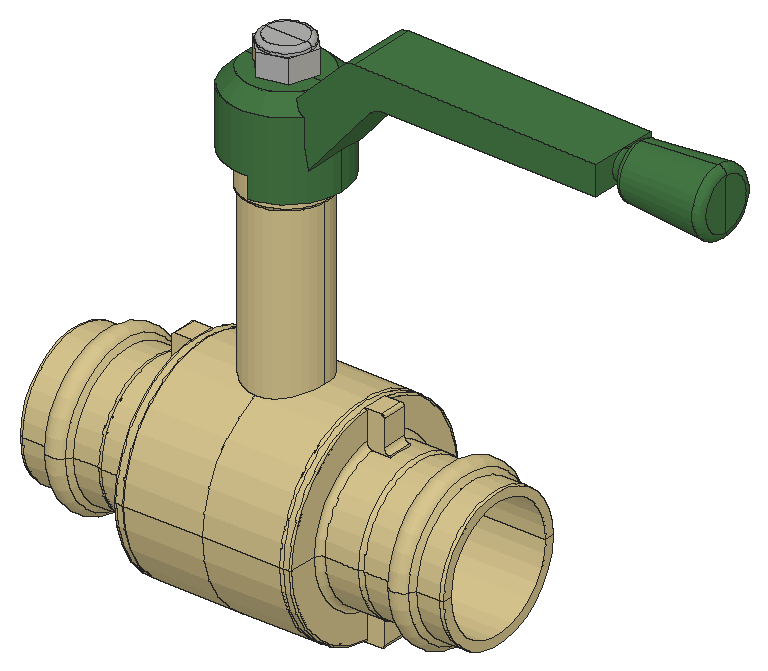
Revit family "QA12180000", category Apparecchi idraulici, Revit 2016
Family settings
  Tipo di parte = Normale
  Quota connettore circolare = Usa diametro
  Numero OmniClass = 23.45.00.00
  Titolo OmniClass = Sanitary, Laundry, and Cleaning Equipment
  Basato su piano di lavoro = No
  Sempre verticale = Sì
  Taglio con vuoti quando caricato = No
  Condiviso = No
  Punto di calcolo locali = No
Parameters
  URL = "https://web.cimberio.it/index.php/figura/1495?subcategoria_id=102"
  Produttore = "CIMBERIO SPA"
  Modello = "Cim 1226CRNL"
  DN Model [instance] = QA12185102 : QA12185102
  DN [instance] = 40 mm
Reference planes
  plane 1 "Centro (Fronte/Retro)": y = 0
  plane 2: z = 0
  plane 3 "Centro (Sinistra/Destra)": x = 0
Dimensions and locks
  aligned and locked: level to plane 2
Nested families
  nested 1: "QA12185102" at (0, 0, 0), type <- "DN Model", type "QA12185102"
    with DN 10 mm
  nested 2: "QA12185102" at (0, 0, 0), type <- "DN Model", type "QA12185102"
    with DN 10 mm
  nested 3: "QA12185102" at (0, 0, 0), type <- "DN Model", type "QA12185102"
    with DN 10 mm
  nested 4: "QA12185102" at (0, 0, 0), type <- "DN Model", type "QA12185102"
    with DN 10 mm
  nested 5: "QA12185102" at (0, 0, 0), type <- "DN Model", type "QA12185102"
    with DN 10 mm
  nested 6: "QA12185102" at (0, 0, 0), type <- "DN Model", type "QA12185102"
    with DN 10 mm
  nested 7: "QA12185102" at (0, 0, 0), type <- "DN Model", type "QA12185102"
    with DN 10 mm
  nested 8: "QA12185102" at (0, 0, 0), type <- "DN Model", type "QA12185102"
    with DN 10 mm
Connectors
  piping at (71.25, 0, 0), diameter 40, driven by "DN"
    settings: on nested 1, index 1, connector inside diameter 609.6 mm, connector length 0 mm, flow factor 0, pipe flow 0.0 L/s, pressure drop 0.0 Pa, fitting loss kfactor 0, connector angle 0.00°, fixture units 0, engagement length 0 mm, angle of deflection 0.00°, flow configuration 0, flow direction 0, fitting loss method 0, system type 7, joint type 0, gender type 0, connector reference index -1, connector utility 0, adjustable connector no, is connector primary yes, connector description ""
  piping at (-71.15, 0, 0), diameter 40, driven by "DN"
    settings: on nested 1, index 2, connector inside diameter 609.6 mm, connector length 0 mm, flow factor 0, pipe flow 0.0 L/s, pressure drop 0.0 Pa, fitting loss kfactor 0, connector angle 0.00°, fixture units 0, engagement length 0 mm, angle of deflection 0.00°, flow configuration 0, flow direction 0, fitting loss method 0, system type 7, joint type 0, gender type 0, connector reference index -1, connector utility 0, adjustable connector no, is connector primary no, connector description ""
Definition of nested family "QA12185102"
  Parameters (values of type "QA12185102")
    DN [instance] = 10 mm  # constant formula
  Reference planes
    plane 1 "Centro (Fronte/Retro)": y = 0
    plane 2: z = 0
    plane 3 "Centro (Sinistra/Destra)": x = 0
  Forms (mm)
    Revolve 1, solid
      sketch origin (0, 0, 0) x (1, 0, 0) y (0, 1, 0)
        loop
          line (-70.25, 23.2) -> (-71.15, 23) -> (-71.15, 20) -> (71.25, 20) -> (71.25, 22.978) -> (70.25, 23.2) -> (62.253, 23.2) -> (61.215, 24.998)
          arc (61.215, 24.998) -> (57.751, 27) -> (54.286, 25) r 4
          line (54.286, 25) -> (53.247, 23.2) -> (44.747, 23.2)
          arc (44.747, 23.2) -> (43.972, 23.302) -> (43.25, 23.6) r 3
          line (43.25, 23.6) -> (31.75, 23.6)
          arc (31.75, 23.6) -> (30.336, 24.186) -> (29.75, 25.6) r 2
          line (29.75, 25.6) -> (29.75, 34.75)
          arc (29.75, 34.75) -> (29.516, 35.13) -> (29.086, 35.25) r 0.61
          line (29.086, 35.25) -> (27.024, 35.25) -> (26.255, 35.5) -> (0, 35.5) -> (-26.255, 35.5) -> (-27.024, 35.25) -> (-29.086, 35.25)
          arc (-29.086, 35.25) -> (-29.516, 35.13) -> (-29.75, 34.75) r 0.61
          line (-29.75, 34.75) -> (-29.75, 25.6)
          arc (-29.75, 25.6) -> (-30.336, 24.186) -> (-31.75, 23.6) r 2
          line (-31.75, 23.6) -> (-43.25, 23.6)
          arc (-43.25, 23.6) -> (-43.972, 23.302) -> (-44.747, 23.2) r 3
          line (-44.747, 23.2) -> (-53.247, 23.2) -> (-54.286, 25)
          arc (-54.286, 25) -> (-57.751, 27) -> (-61.215, 24.998) r 4
          line (-61.215, 24.998) -> (-62.253, 23.2) -> (-70.25, 23.2)
        axis (-71.15, 0) -> (71.25, 0)
      angle from 0 to 360
    Extrusion 2, solid
      sketch origin (0, 0, 0) x (1, 0, 0) y (0, 0, 1)
        loop
          line (-29.086, 35.25) -> (-34.75, 35.245)
          arc (-34.75, 35.245) -> (-35.457, 34.952) -> (-35.75, 34.245) r 1
          line (-35.75, 34.245) -> (-35.75, 25.589)
          arc (-35.75, 25.589) -> (-36.333, 24.181) -> (-37.74, 23.598) r 1.99
          line (-37.74, 23.598) -> (-37.74, 22.717) -> (-29.086, 22.717) -> (-29.086, 35.25)
        loop
          line (29.086, 35.25) -> (29.086, 22.717) -> (37.74, 22.717) -> (37.74, 23.598)
          arc (37.74, 23.598) -> (36.333, 24.181) -> (35.75, 25.589) r 1.99
          line (35.75, 25.589) -> (35.75, 34.245)
          arc (35.75, 34.245) -> (35.457, 34.952) -> (34.75, 35.245) r 1
          line (34.75, 35.245) -> (29.086, 35.25)
        loop
          line (-29.086, -35.25) -> (-29.086, -22.717) -> (-37.74, -22.717) -> (-37.74, -23.598)
          arc (-37.74, -23.598) -> (-36.333, -24.181) -> (-35.75, -25.589) r 1.99
          line (-35.75, -25.589) -> (-35.75, -34.245)
          arc (-35.75, -34.245) -> (-35.457, -34.952) -> (-34.75, -35.245) r 1
          line (-34.75, -35.245) -> (-29.086, -35.25)
        loop
          line (29.086, -35.25) -> (34.75, -35.245)
          arc (34.75, -35.245) -> (35.457, -34.952) -> (35.75, -34.245) r 1
          line (35.75, -34.245) -> (35.75, -25.589)
          arc (35.75, -25.589) -> (36.333, -24.181) -> (37.74, -23.598) r 1.99
          line (37.74, -23.598) -> (37.74, -22.717) -> (29.086, -22.717) -> (29.086, -35.25)
      from -4.856 to 3.437
    Revolve 3, solid
      sketch origin (0, 0, 0) x (1, 0, 0) y (0, 0, 1)
        loop
          line (0, 102.798) -> (-14, 102.798) -> (-14, 91.153)
          arc (-14, 91.153) -> (-13.617, 90.647) -> (-13, 90.498) r 0.942
          line (-13, 90.498) -> (-13, 28.482) -> (0, 28.482) -> (0, 102.798)
        axis (0, 102.798) -> (0, 28.482)
      angle from 0 to 360
    Extrusion 4, solid
      sketch origin (0, 0, 0) x (1, 0, 0) y (0, 0, 1)
        loop
          arc (-18.5, 100.798) -> (-18.854, 100.652) -> (-19, 100.298) r 0.5
          line (-19, 100.298) -> (-19, 94.74)
          arc (-19, 94.74) -> (-18.854, 94.31) -> (-18.476, 94.058) r 0.706
          line (-18.476, 94.058) -> (-13.908, 92.834) -> (-13.908, 100.798) -> (-18.5, 100.798)
      from 0 to 2.9
    Extrusion 5, solid
      sketch origin (0, 0, 28.55) x (1, 0, 0) y (0, 1, 0)
        loop
          line (0, 14) -> (-9.899, 9.899) -> (-14, 0) -> (-9.899, -9.899) -> (0, -14) -> (9.899, -9.899) -> (14, 0) -> (9.899, 9.899) -> (0, 14)
      from 74.248 to 79.248
    Revolve 6, solid
      sketch origin (0, 0, 0) x (1, 0, 0) y (0, 0, 1)
        loop
          line (0, 108.698) -> (-6, 108.698) -> (-6, 107.798) -> (0, 107.798) -> (0, 108.698)
        axis (0, 108.698) -> (0, 107.698)
      angle from 0 to 360
    Revolve 7, solid
      sketch origin (0, 0, 13.602) x (1, 0, 0) y (0, 0, 1)
        loop
          line (6.75, 122.698) -> (0, 122.698) -> (0, 120.398) -> (8.25, 120.398) -> (8.25, 121.198)
          arc (8.25, 121.198) -> (7.811, 122.259) -> (6.75, 122.698) r 1.5
        axis (0, 122.698) -> (0, 120.398)
      angle from 0 to 360
    Extrusion 8, solid
      sketch origin (0, 0, 42.152) x (1, 0, 0) y (0, 1, 0)
        loop
          line (2.815, 9.275) -> (-6.625, 7.075) -> (-9.44, -2.2) -> (-2.815, -9.275) -> (6.625, -7.075) -> (9.44, 2.2) -> (2.815, 9.275)
      from 84.148 to 91.848
    Revolve 9, solid
      sketch origin (0, 0, 0) x (1, 0, 0) y (0, 0, 1)
        loop
          line (0, 126.3) -> (-13.75, 126.3) -> (-18.75, 121.3) -> (-18.75, 95.3) -> (0, 95.3) -> (0, 126.3)
        axis (0, 126.3) -> (0, 95.3)
      angle from 0 to 360
    Extrusion 10, solid
      sketch origin (0, 0, 0) x (1, 0, 0) y (0, 0, 1)
        loop
          line (12.621, 125.921) -> (16.707, 105.726) -> (37.495, 130.506)
          arc (37.495, 130.506) -> (39.219, 131.827) -> (41.342, 132.292) r 4.999
          line (41.342, 132.292) -> (113.414, 132.04) -> (113.414, 141.563) -> (32.114, 143.255)
          arc (32.114, 143.255) -> (30.154, 142.892) -> (28.492, 141.792) r 5
          line (28.492, 141.792) -> (12.621, 125.921)
      from -11.42 to 11.42
    Revolve 11, solid
      sketch origin (0, 0, 0) x (1, 0, 0) y (0, 0, 1)
        loop
          line (148, 136.801) -> (148, 145.307)
          arc (148, 145.307) -> (147.202, 147.138) -> (145.317, 147.8) r 2.5
          line (145.317, 147.8) -> (119.529, 145.904)
          arc (119.529, 145.904) -> (118.654, 145.629) -> (117.993, 144.993) r 2.003
          arc (117.993, 144.993) -> (116.205, 142.607) -> (113.414, 141.563) r 5.305
          line (113.414, 141.563) -> (113.414, 136.801) -> (148, 136.801)
        axis (113.414, 136.801) -> (148, 136.801)
      angle from 0 to 360
    Extrusion 12, void
      sketch origin (0, 0, 28.55) x (1, 0, 0) y (0, 1, 0)
        loop
          line (-13.75, 0) -> (-19.55, 0)
          arc (-19.55, 0) -> (-13.172, -14.446) -> (1.8, -19.467) r 19.55
          line (1.8, -19.467) -> (1.8, -13.632)
          arc (1.8, -13.632) -> (-9.064, -10.34) -> (-13.75, 0) r 13.75
      from 64.803 to 73.75
  Cuts and joins
    Extrusion 12 cuts Revolve 1
    Extrusion 12 cuts Revolve 9
  Dimensions and locks
    aligned and locked: level to plane 2
